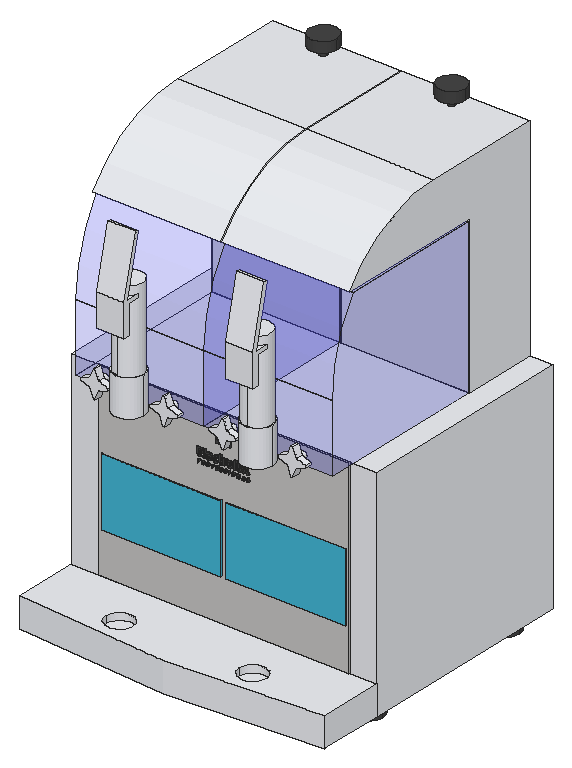
Revit family "QF_ELECTROLUXPROFESSIONAL_562517_GT2TR290", category Attrezzature speciali, Revit 2020
Family settings
  Quota connettore circolare = Usa diametro
  Tipo di parte = Normale
  Basato su piano di lavoro = No
  Sempre verticale = Sì
  Taglio con vuoti quando caricato = No
  Condiviso = No
  Punto di calcolo locali = No
Parameters (values of type "Standard")
  Weight = 46.00 kg
  Watts = 600 W
  Volts = 220 V
  URL Manufacturer = "https://www.electroluxprofessional.com/"
  URL = "https://www.electroluxprofessional.com/"
  Steam Supply Size = 0 mm
  Steam Supply Minimum Pressure = 0.0 Pa
  Steam Supply Maximum Pressure = 0.0 Pa
  Steam Consumption per Hour = 0
  Show Logo [instance] = yes
  Show Clearance [instance] = yes
  Refrigeration Suction Line Size = 0 mm
  Refrigeration Liquid Line Size = 0 mm
  Refrigerant Compressor Remote = yes
  Prospetto di default = 0 mm
  Produttore = "Electrolux Professional"
  Phase = 1
  Modello = "GT2TR290"
  Length Actual = 450 mm  # constant formula
  Item Number = "562517"
  Hot Water Size = 0 mm
  Height Actual = 650 mm  # constant formula
  HP = "0.8 HP"
  Gas Size = 0 mm
  Gas KW = 0
  Gas Input Pressure = 0 W
  Direct Waste Size = 0 mm
  Descrizione = "2X5 LT BOWL - FROZEN GRANITA, FROZEN CREAMS AND SOFT ICE CREAM DISPENSER - 2 INSULATED BOWLS - TOUCH SCREEN - WHITE,R290"
  Depth Actual = 435 mm  # constant formula
  Cycle = 50 Hz
  Condensate Return Size = 0 mm
  Compressed Air Volume = 0.0 L/s
  Compressed Air Size = 0 mm
  Compressed Air Pressure = 0.0 Pa
  Cold Water Size = 0 mm
  Accessory = yes
Reference planes
  plane 1: z = 0
  plane 2 "LEFT": x = -300
  plane 3 "BACK": y = 282.5
  plane 4: z = 648.875
  plane 5: z = 340
  plane 6: z = 63
  plane 7: z = 677
  plane 8: x = 147
  plane 9: y = -149.837
Forms (mm)
  Extrusion 1, solid, material "QF_Finishes_White"
    sketch origin (0, -1.353, -30) x (1, 0, 0) y (0, 1, 0)
      loop
        line (-300, 283.853) -> (-300, -38.484) -> (147, -38.484) -> (147, 283.853) -> (-300, 283.853)
    from 50 to 370
  Extrusion 2, solid, material "QF_Finishes_Stainless Steel"
    sketch origin (16.697, 123.163, -87.462) x (1, 0, 0) y (0, 1, 0)
      loop
        line (90.303, -163) -> (-276.697, -163) -> (-276.697, -163.8) -> (90.303, -163.8) -> (90.303, -163)
    from 150.462 to 427.462
  Extrusion 3, solid, material "QF_Finishes_Stainless Steel"
    sketch origin (-356.596, -170.677, 18) x (0, -1, 0) y (1, 0, 0)
      loop
        line (-163.023, 407.596) -> (-163.023, 427.596) -> (-183.023, 427.596) -> (-183.023, 407.596) -> (-163.023, 407.596)
    from 0 to 2
Dimensions and locks
  plane 4 to level = 648.875 mm
  level to plane 7 = 677 mm
  plane 6 to level = 63 mm
  plane 5 to plane 6 = 277 mm
  plane 2 "LEFT" to plane 8 = 447 mm
  plane 9 to plane 3 "BACK" = 432.337 mm
  plane 5 to nested 11 = 246.5 mm
  plane 3 "BACK" to plane 9 = 432.337 mm
  aligned and locked: level to plane 1
Nested families
  nested 1: "MANOPOLA BEVERAGE" at (-220, -78.664, 353.538) x (0, 0, 1) z (0, -1, 0), type "MANOPOLA BEVERAGE"
  nested 2: "MANOPOLA BEVERAGE" at (-118, -78.664, 353.538) x (0, 0, 1) z (0, -1, 0), type "MANOPOLA BEVERAGE"
  nested 3: "PORTAGRANITE BEVERAGE-fat" at (-169, 107.419, 340), type "PORTAGRANITE BEVERAGE-fat"
  nested 4: "VASCHETTA BEVERAGE_Large_Doppio" at (-76.5, -39.837, 41.5) x (1, 0, 0) z (0, -1, 0), type "VASCHETTA BEVERAGE_Large_Doppio"
  nested 5: "ELX_LOGO_MONO_SMALL" at (-86.42, -40.637, 259.538) x (-1, 0, 0) z (0, -1, 0), Show Logo <- "Show Logo", visible <- "Show Logo", type "ELX_LOGO_MONO_SMALL"
  nested 6: "ELX_LOGO_WORDS" at (-76.5, -40.637, 274.149) x (1, 0, 0) z (0, -1, 0), visible <- "Show Logo", Show Logo <- "Show Logo", type "ELX_LOGO_WORDS"
  nested 7: "Piedino 20x19 mm - Beverage" at (-264, 240.5, 0), type "Piedino 20x19 mm - Beverage"
  nested 8: "Piedino 20x19 mm - Beverage" at (-264, -9.5, 0), type "Piedino 20x19 mm - Beverage"
  nested 9: "Piedino 20x19 mm - Beverage" at (113, 240.5, 0), type "Piedino 20x19 mm - Beverage"
  nested 10: "Piedino 20x19 mm - Beverage" at (113, -9.5, 0), type "Piedino 20x19 mm - Beverage"
  nested 11: "BOCCHETTONE BEVERAGE_Tozzo" at (-167.625, -78.664, 463) x (1, 0, 0) z (0, -1, 0), type "BOCCHETTONE BEVERAGE_Tozzo"
  nested 12: "MANOPOLA APERTURA BEVERAGE " at (-169, 257.5, 648.875) x (-1, 0, 0) z (0, 0, 1), type "MANOPOLA APERTURA BEVERAGE "
  nested 13: "PORTAGRANITE BEVERAGE-fat" at (19, 107.419, 340) x (-1, 0, 0) z (0, 0, 1), type "PORTAGRANITE BEVERAGE-fat"
  nested 14: "MANOPOLA APERTURA BEVERAGE " at (19, 257.5, 648.875), type "MANOPOLA APERTURA BEVERAGE "
  nested 15: "BOCCHETTONE BEVERAGE_Tozzo" at (21, -78.664, 463) x (-1, 0, 0) z (0, -1, 0), type "BOCCHETTONE BEVERAGE_Tozzo"
  nested 16: "MANOPOLA BEVERAGE" at (-32, -78.664, 353.538) x (0, 0, 1) z (0, -1, 0), type "MANOPOLA BEVERAGE"
  nested 17: "MANOPOLA BEVERAGE" at (70, -78.664, 353.538) x (0, 0, 1) z (0, -1, 0), type "MANOPOLA BEVERAGE"
  nested 18: "SCHERMO_TOUCH_BEVERAGE" at (-167.625, -40.637, 175) x (1, 0, 0) z (0, -1, 0), type "SCHERMO_TOUCH_BEVERAGE"
    with Show Logo yes
  nested 19: "SCHERMO_TOUCH_BEVERAGE" at (15.125, -40.637, 175) x (-1, 0, 0) z (0, -1, 0), type "SCHERMO_TOUCH_BEVERAGE"
    with Show Logo yes
Connectors
  electrical at (61, 2.346, 18), driven by "Volts"
    settings: on Extrusion 3, index 73, voltage 220 V, apparent load 0 VA, apparent load phase1 0 VA, apparent load phase2 0 VA, apparent load phase3 0 VA, power factor 1, load classification "Altro", number of poles 1, system type 30, power factor state 1, is connector primary yes, connector utility no, sub classification motor no, connector description "Electrical Connection"
Definition of nested family "MANOPOLA BEVERAGE"
  Parameters (values of type "MANOPOLA BEVERAGE")
    Default Elevation = 1219.2 mm
  Reference planes
    plane 1 "Centro (Fronte/Retro)": y = 0
    plane 2: z = 0
    plane 3 "Centro (Sinistra/Destra)": x = 0
    plane 4: z = 20
  Forms (mm)
    Extrusion 1, solid
      sketch origin (0, 0, 0) x (1, 0, 0) y (0, 1, 0)
        loop
          line (-1219.2, 1219.2) -> (-1219.2, -1219.2) -> (1219.2, -1219.2) -> (1219.2, 1219.2) -> (-1219.2, 1219.2)
      from 0 to -304.8
    Extrusion 2, solid
      sketch origin (0, 0, 10) x (1, 0, 0) y (0, 1, 0)
        loop
          line (-20, -1.333) -> (-6.314, -6.314) -> (-1.333, -20) -> (1.333, -20) -> (6.314, -6.314) -> (20, -1.333) -> (20, 1.333) -> (6.314, 6.314) -> (1.333, 20) -> (-1.333, 20) -> (-6.314, 6.314) -> (-20, 1.333) -> (-20, -1.333)
      from 0 to 10
    Extrusion 3, solid
      sketch origin (0, 0, 0) x (1, 0, 0) y (0, 1, 0)
        loop
          circle (0, 0) r 5
      from 0 to 10
  Dimensions and locks
    aligned and locked: plane 2 to Extrusion 1
    aligned and locked: level to Extrusion 1
Definition of nested family "PORTAGRANITE BEVERAGE-fat"
  Parameters (values of type "PORTAGRANITE BEVERAGE-fat")
    Default Elevation = 1219.2 mm
  Reference planes
    plane 1 "Centro (Fronte/Retro)": y = 0
    plane 2: z = 0
    plane 3 "Centro (Sinistra/Destra)": x = 0
    plane 4: x = -94
    plane 5: x = 94
  Forms (mm)
    Extrusion 1, solid
      sketch origin (0, 0, 0) x (1, 0, 0) y (0, 1, 0)
        loop
          line (-1219.2, 1219.2) -> (-1219.2, -1219.2) -> (1219.2, -1219.2) -> (1219.2, 1219.2) -> (-1219.2, 1219.2)
      from 0 to -304.8
    Extrusion 2, solid
      sketch origin (-94, -107.419, -376) x (0, 1, 0) y (0, 0, 1)
        loop
          line (172.5, 604.875) -> (172.5, 376) -> (282.5, 376) -> (282.5, 684.875) -> (107.419, 684.875)
          arc (107.419, 684.875) -> (20.241, 663.694) -> (-47.5, 604.875) r 190
          line (-47.5, 604.875) -> (172.5, 604.875)
      from 0 to 188
    Extrusion 3, solid
      sketch origin (-101.5, -107.419, -378) x (0, 1, 0) y (0, 0, 1)
        loop
          line (170.5, 378) -> (170.5, 603) -> (-39.5, 603)
          arc (-39.5, 603) -> (-68.644, 543.496) -> (-78.664, 478) r 219.065
          line (-78.664, 478) -> (-78.664, 378) -> (170.5, 378)
      from 7.5 to 195.5
  Dimensions and locks
    plane 4 to plane 5 = 188 mm  (x2)
    Extrusion 2 sketch curve to Extrusion 2 sketch curve = 330 mm
    Extrusion 2 to Extrusion 3 sketch curve = 361.164 mm
    Extrusion 2 sketch curve to Extrusion 1 = 308.875 mm
    Extrusion 2 to Extrusion 3 = 361.164 mm
    Extrusion 2 to Extrusion 1 = 308.875 mm
    aligned and locked: plane 2 to Extrusion 1
    aligned and locked: level to Extrusion 1
Definition of nested family "VASCHETTA BEVERAGE_Large_Doppio"
  Parameters (values of type "VASCHETTA BEVERAGE_Large_Doppio")
    Default Elevation = 1219.2 mm
    Length = 447 mm
    Heigth = 43 mm
    Deep = 110 mm
  Reference planes
    plane 1 "Centro (Fronte/Retro)": y = 0
    plane 2: z = 0
    plane 3 "Centro (Sinistra/Destra)": x = 0
    plane 4: z = 110
    plane 5: x = 223.5
    plane 6: x = -223.5
  Forms (mm)
    Extrusion 1, solid
      sketch origin (0, 0, 0) x (1, 0, 0) y (0, 1, 0)
        loop
          line (-1219.2, 1219.2) -> (-1219.2, -1219.2) -> (1219.2, -1219.2) -> (1219.2, 1219.2) -> (-1219.2, 1219.2)
      from 0 to -304.8
    Extrusion 2, void
      sketch origin (104.75, -88.5, -175) x (1, 0, 0) y (0, 0, -1)
        loop
          circle (-202.5, -244.664) r 20
      from 100 to 110
    Extrusion 3, solid
      sketch origin (0, -2.5, 0) x (1, 0, 0) y (0, 0, 1)
        loop
          arc (223.5, 95) -> (0, 110) -> (-223.5, 95) r 1672.575
          line (-223.5, 95) -> (-223.5, 0) -> (223.5, 0) -> (223.5, 95)
      from -24 to 19
    Extrusion 4, void
      sketch origin (-104.75, -88.5, -175) x (-1, 0, 0) y (0, 0, 1)
        loop
          circle (-202.5, 244.664) r 20
      from 100 to 110
  Cuts and joins
    Extrusion 2, Extrusion 4 cuts Extrusion 3
  Dimensions and locks
    "Heigth": Extrusion 3 to Extrusion 3
    "Length": plane 6 to plane 5
    "Deep": Extrusion 1 to plane 4
    aligned and locked: plane 2 to Extrusion 1
    aligned and locked: level to Extrusion 1
  Automatic sketch dimensions
    Extrusion 1 sketch curve to Extrusion 1 sketch curve = 2438.4 mm  (x2)
    plane 4 to Extrusion 2 sketch curve = 40.336 mm
    Extrusion 3 sketch curve to level = 0 mm
    plane 6 to Extrusion 3 sketch curve = 0 mm
    plane 3 "Centro (Sinistra/Destra)" to Extrusion 3 sketch curve = 0 mm
    plane 5 to Extrusion 3 sketch curve = 0 mm
    Extrusion 3 sketch curve to level = 1562.575 mm
    plane 4 to Extrusion 3 sketch curve = 15 mm
    plane 4 to Extrusion 4 sketch curve = 40.336 mm
    Extrusion 2 sketch curve to plane 3 "Centro (Sinistra/Destra)" = 97.75 mm
    plane 3 "Centro (Sinistra/Destra)" to Extrusion 4 sketch curve = 97.75 mm
    radius of Extrusion 2 sketch curve = 20 mm
    radius of Extrusion 4 sketch curve = 20 mm
Definition of nested family "ELX_LOGO_MONO_SMALL"
  Parameters (values of type "ELX_LOGO_MONO_SMALL")
    Show Logo [instance] = yes
    Default Elevation = 1219.2 mm
  Reference planes
    plane 1 "Center (Front/Back)": y = -49
    plane 2: z = 0
    plane 3 "Center (Left/Right)": x = -9.92
  Forms (mm)
    Extrusion 1, solid
      sketch origin (0, 0, 0) x (1, 0, 0) y (0, 1, 0)
        loop
          line (-1219.2, 1219.2) -> (-1219.2, -1219.2) -> (1219.2, -1219.2) -> (1219.2, 1219.2) -> (-1219.2, 1219.2)
      from 0 to -304.8
    Extrusion 2, solid, visible <- "Show Logo"
      sketch origin (84.462, 509.781, 0) x (1, 0, 0) y (0, 1, 0)
        loop
          line (-97.132, -567.787) -> (-97.132, -549.816)
          arc (-97.132, -549.816) -> (-103.775, -558.801) -> (-97.132, -567.787) r 9.398
        loop
          arc (-96.218, -567.787) -> (-88.745, -566.088) -> (-85.144, -559.322) r 9.21
          line (-85.144, -559.322) -> (-88.117, -559.322)
          arc (-88.117, -559.322) -> (-93.428, -561.478) -> (-96.218, -566.485) r 8.633
          line (-96.218, -566.485) -> (-96.218, -567.787)
        loop
          arc (-96.218, -551.117) -> (-93.428, -556.124) -> (-88.117, -558.28) r 8.633
          line (-88.117, -558.28) -> (-85.144, -558.28)
          arc (-85.144, -558.28) -> (-88.739, -551.459) -> (-96.218, -549.585) r 9.451
          line (-96.218, -549.585) -> (-96.218, -551.117)
        loop
          line (-84.462, -568.767) -> (-84.462, -548.794) -> (-104.462, -548.794) -> (-104.462, -568.767) -> (-84.462, -568.767)
      from 0 to 1.644
  Dimensions and locks
    aligned and locked: plane 2 to Extrusion 1
    aligned and locked: level to Extrusion 1
Definition of nested family "ELX_LOGO_WORDS"
  Parameters (values of type "ELX_LOGO_WORDS")
    Show Logo [instance] = yes
    Default Elevation = 0 mm
  Reference planes
    plane 1 "Centro (Fronte/Retro)": y = 0
    plane 2: z = 0
    plane 3 "Centro (Sinistra/Destra)": x = 0
  Forms (mm)
    Extrusion 1, solid
      sketch origin (0, 0, 0) x (1, 0, 0) y (0, 1, 0)
        loop
          line (-1219.2, 1219.2) -> (-1219.2, -1219.2) -> (1219.2, -1219.2) -> (1219.2, 1219.2) -> (-1219.2, 1219.2)
      from 0 to -304.8
    Extrusion 2, solid, visible <- "Show Logo"
      sketch origin (0, 0, 0) x (1, 0, 0) y (0, 1, 0)
        loop
          line (-30.234, 10.561) -> (-37.67, 10.561) -> (-37.67, 1.902)
          arc (-37.67, 1.902) -> (-36.691, -0.461) -> (-34.329, -1.439) r 3.341
          line (-34.329, -1.439) -> (-30.09, -1.439) -> (-30.09, 0.503) -> (-33.845, 0.503)
          arc (-33.845, 0.503) -> (-35.079, 0.92) -> (-35.604, 2.112) r 1.615
          line (-35.604, 2.112) -> (-35.604, 3.829) -> (-30.555, 3.829) -> (-30.555, 5.779) -> (-35.604, 5.779) -> (-35.604, 8.617) -> (-30.234, 8.617) -> (-30.234, 10.561)
        loop
          line (-28.622, 10.561) -> (-28.622, -1.439) -> (-26.555, -1.439) -> (-26.555, 10.561) -> (-28.622, 10.561)
        loop
          line (16.27, 10.561) -> (16.27, -1.439) -> (18.338, -1.439) -> (18.338, 10.561) -> (16.27, 10.561)
        loop
          line (-23.137, 2.393) -> (-16.354, 2.393)
          arc (-16.354, 2.393) -> (-17.415, 6.119) -> (-21.043, 7.478) r 4.298
          arc (-21.043, 7.478) -> (-24.239, 5.857) -> (-25.151, 2.393) r 4.373
          arc (-25.151, 2.393) -> (-23.951, -0.505) -> (-21.053, -1.705) r 4.097
          arc (-21.053, -1.705) -> (-18.799, -1.372) -> (-16.908, -0.099) r 5.15
          line (-16.908, -0.099) -> (-18.133, 1.125)
          arc (-18.133, 1.125) -> (-19.74, 0.161) -> (-21.607, 0.323) r 3.039
          arc (-21.607, 0.323) -> (-22.746, 1.081) -> (-23.137, 2.393) r 2.013
        loop
          line (-23.085, 3.846) -> (-18.431, 3.846)
          arc (-18.431, 3.846) -> (-19.084, 5.22) -> (-20.519, 5.727) r 1.983
          arc (-20.519, 5.727) -> (-22.175, 5.295) -> (-23.085, 3.846) r 2.321
        loop
          line (-8.297, 4.711) -> (-6.999, 6.009)
          arc (-6.999, 6.009) -> (-8.627, 7.187) -> (-10.604, 7.539) r 4.497
          arc (-10.604, 7.539) -> (-13.621, 6.437) -> (-15.204, 3.642) r 4.652
          arc (-15.204, 3.642) -> (-12.536, -1.257) -> (-7.072, -0.127) r 4.684
          line (-7.072, -0.127) -> (-8.363, 1.163)
          arc (-8.363, 1.163) -> (-11.149, 0.242) -> (-13.145, 2.393) r 2.714
          arc (-13.145, 2.393) -> (-13.006, 4.094) -> (-11.835, 5.335) r 2.578
          arc (-11.835, 5.335) -> (-9.96, 5.621) -> (-8.297, 4.711) r 2.961
        loop
          line (-5.73, 10.561) -> (-5.73, 2.36)
          arc (-5.73, 2.36) -> (-5.551, 1.13) -> (-5.09, -0.025) r 5.301
          arc (-5.09, -0.025) -> (-3.615, -1.198) -> (-1.746, -1.445) r 3.531
          line (-1.746, -1.445) -> (-1.746, 0.492)
          arc (-1.746, 0.492) -> (-2.302, 0.534) -> (-2.82, 0.74) r 1.862
          arc (-2.82, 0.74) -> (-3.484, 1.442) -> (-3.662, 2.393) r 1.713
          line (-3.662, 2.393) -> (-3.662, 5.362) -> (-1.785, 5.362) -> (-1.785, 7.24) -> (-3.662, 7.24) -> (-3.662, 10.561) -> (-5.73, 10.561)
        loop
          arc (2.004, 3.123) -> (2.152, 3.988) -> (2.578, 4.755) r 2.607
          arc (2.578, 4.755) -> (3.817, 5.391) -> (5.208, 5.362) r 2.84
          line (5.208, 5.362) -> (5.208, 7.349)
          arc (5.208, 7.349) -> (3.39, 7.177) -> (2.004, 5.989) r 3.016
          line (2.004, 5.989) -> (2.004, 7.24) -> (-0.046, 7.24) -> (-0.046, -1.439) -> (2.004, -1.439) -> (2.004, 3.123)
        loop
          circle (10.262, 2.899) r 4.599
        loop
          circle (10.262, 2.899) r 2.787
        loop
          arc (25.793, 2.175) -> (25.283, 0.772) -> (23.898, 0.213) r 1.835
          arc (23.898, 0.213) -> (22.514, 0.772) -> (22.004, 2.175) r 1.835
          line (22.004, 2.175) -> (22.004, 7.24) -> (19.919, 7.24) -> (19.919, 2.003)
          arc (19.919, 2.003) -> (21.105, -0.701) -> (23.898, -1.659) r 3.675
          arc (23.898, -1.659) -> (26.723, -0.672) -> (27.877, 2.088) r 3.675
          line (27.877, 2.088) -> (27.877, 7.24) -> (25.793, 7.24) -> (25.793, 2.175)
        loop
          line (29.126, 7.24) -> (32.128, 3.164) -> (28.83, -1.442) -> (31.052, -1.442) -> (33.241, 1.615) -> (35.462, -1.442) -> (37.67, -1.442) -> (34.419, 3.211) -> (37.392, 7.24) -> (35.135, 7.24) -> (33.234, 4.663) -> (31.362, 7.24) -> (29.126, 7.24)
        loop
          line (-35.875, -6.414) -> (-37.523, -6.414) -> (-37.523, -10.564) -> (-36.621, -10.564) -> (-36.621, -9.135) -> (-35.625, -9.135)
          arc (-35.625, -9.135) -> (-34.509, -7.66) -> (-35.875, -6.414) r 1.372
        loop
          arc (-35.664, -8.32) -> (-35.322, -7.786) -> (-35.664, -7.253) r 0.587
          line (-35.664, -7.253) -> (-36.621, -7.253) -> (-36.621, -8.32) -> (-35.664, -8.32)
        loop
          line (-29.363, -6.414) -> (-31.04, -6.414) -> (-31.04, -10.564) -> (-30.138, -10.564) -> (-30.138, -9.135) -> (-29.265, -9.135) -> (-28.669, -10.564) -> (-27.7, -10.564) -> (-28.516, -8.814)
          arc (-28.516, -8.814) -> (-28.125, -8.347) -> (-27.994, -7.752) r 1.281
          arc (-27.994, -7.752) -> (-28.406, -6.804) -> (-29.363, -6.414) r 1.37
        loop
          line (-30.138, -7.253) -> (-30.138, -8.32) -> (-29.18, -8.32)
          arc (-29.18, -8.32) -> (-28.839, -7.786) -> (-29.18, -7.253) r 0.587
          line (-29.18, -7.253) -> (-30.138, -7.253)
        loop
          circle (-22.402, -8.489) r 2.156
        loop
          circle (-22.402, -8.489) r 1.368
        loop
          line (-16.703, -6.414) -> (-16.703, -10.564) -> (-15.823, -10.564) -> (-15.823, -9.114) -> (-14.261, -9.114) -> (-14.261, -8.184) -> (-15.823, -8.184) -> (-15.823, -7.308) -> (-14.111, -7.308) -> (-14.111, -6.414) -> (-16.703, -6.414)
        loop
          line (-10.611, -6.414) -> (-10.611, -9.216)
          arc (-10.611, -9.216) -> (-10.229, -10.166) -> (-9.284, -10.561) r 1.327
          line (-9.284, -10.561) -> (-7.945, -10.561) -> (-7.945, -9.777) -> (-9.204, -9.777)
          arc (-9.204, -9.777) -> (-9.668, -9.394) -> (-9.759, -8.799) r 0.845
          line (-9.759, -8.799) -> (-8.1, -8.799) -> (-8.1, -8.015) -> (-9.759, -8.015) -> (-9.759, -7.198) -> (-7.985, -7.198) -> (-7.985, -6.414) -> (-10.611, -6.414)
        loop
          arc (4.417, -6.94) -> (3.867, -6.489) -> (3.171, -6.345) r 1.485
          arc (3.171, -6.345) -> (2.528, -6.503) -> (2, -6.902) r 1.645
          arc (2, -6.902) -> (1.902, -7.844) -> (2.51, -8.571) r 1.217
          arc (2.51, -8.571) -> (3.021, -8.741) -> (3.506, -8.976) r 4.201
          arc (3.506, -8.976) -> (3.812, -9.337) -> (3.601, -9.761) r 0.43
          arc (3.601, -9.761) -> (3.209, -9.853) -> (2.819, -9.754) r 0.846
          arc (2.819, -9.754) -> (2.482, -9.511) -> (2.275, -9.15) r 0.983
          line (2.275, -9.15) -> (1.549, -9.489)
          arc (1.549, -9.489) -> (1.811, -9.993) -> (2.232, -10.374) r 1.595
          arc (2.232, -10.374) -> (2.71, -10.578) -> (3.227, -10.63) r 1.719
          arc (3.227, -10.63) -> (3.867, -10.503) -> (4.442, -10.197) r 2.246
          arc (4.442, -10.197) -> (4.697, -9.52) -> (4.566, -8.81) r 1.349
          arc (4.566, -8.81) -> (4.282, -8.482) -> (3.919, -8.245) r 1.564
          arc (3.919, -8.245) -> (3.46, -8.04) -> (2.99, -7.864) r 8.236
          arc (2.99, -7.864) -> (2.718, -7.441) -> (3.111, -7.128) r 0.375
          arc (3.111, -7.128) -> (3.581, -7.241) -> (3.943, -7.563) r 0.998
          line (3.943, -7.563) -> (4.417, -6.94)
        loop
          line (8.225, -6.414) -> (8.225, -10.561) -> (9.077, -10.561) -> (9.077, -6.414) -> (8.225, -6.414)
        loop
          circle (14.827, -8.488) r 1.29
        loop
          circle (14.827, -8.488) r 2.154
        loop
          line (20.548, -10.561) -> (21.409, -10.561) -> (21.409, -7.954) -> (23.306, -10.561) -> (24.135, -10.561) -> (24.135, -6.414) -> (23.274, -6.414) -> (23.274, -9.101) -> (21.377, -6.414) -> (20.548, -6.414) -> (20.548, -10.561)
        loop
          line (28.435, -10.561) -> (28.839, -9.667) -> (30.373, -9.667) -> (30.777, -10.561) -> (31.693, -10.561) -> (29.942, -6.414) -> (29.142, -6.414) -> (27.519, -10.561) -> (28.435, -10.561)
        loop
          line (29.99, -8.816) -> (29.579, -7.905) -> (29.18, -8.816) -> (29.99, -8.816)
        loop
          line (35.929, -9.777) -> (35.929, -6.414) -> (35.076, -6.414) -> (35.076, -10.561) -> (37.523, -10.561) -> (37.523, -9.777) -> (35.929, -9.777)
        loop
          arc (-1.8, -6.94) -> (-2.35, -6.489) -> (-3.046, -6.345) r 1.485
          arc (-3.046, -6.345) -> (-3.689, -6.503) -> (-4.218, -6.902) r 1.645
          arc (-4.218, -6.902) -> (-4.316, -7.844) -> (-3.708, -8.571) r 1.217
          arc (-3.708, -8.571) -> (-3.197, -8.741) -> (-2.712, -8.976) r 4.201
          arc (-2.712, -8.976) -> (-2.405, -9.337) -> (-2.616, -9.761) r 0.43
          arc (-2.616, -9.761) -> (-3.008, -9.853) -> (-3.399, -9.754) r 0.846
          arc (-3.399, -9.754) -> (-3.736, -9.511) -> (-3.942, -9.15) r 0.983
          line (-3.942, -9.15) -> (-4.668, -9.489)
          arc (-4.668, -9.489) -> (-4.407, -9.993) -> (-3.985, -10.374) r 1.595
          arc (-3.985, -10.374) -> (-3.507, -10.578) -> (-2.99, -10.63) r 1.719
          arc (-2.99, -10.63) -> (-2.351, -10.503) -> (-1.775, -10.197) r 2.246
          arc (-1.775, -10.197) -> (-1.521, -9.52) -> (-1.652, -8.81) r 1.349
          arc (-1.652, -8.81) -> (-1.936, -8.482) -> (-2.298, -8.245) r 1.564
          arc (-2.298, -8.245) -> (-2.757, -8.04) -> (-3.228, -7.864) r 8.236
          arc (-3.228, -7.864) -> (-3.5, -7.441) -> (-3.107, -7.128) r 0.375
          arc (-3.107, -7.128) -> (-2.636, -7.241) -> (-2.274, -7.563) r 0.998
          line (-2.274, -7.563) -> (-1.8, -6.94)
      from 0 to 1.644
  Dimensions and locks
    aligned and locked: plane 2 to Extrusion 1
    aligned and locked: level to Extrusion 1
Definition of nested family "Piedino 20x19 mm - Beverage"
  Parameters (values of type "Piedino 20x19 mm - Beverage")
    Default Elevation = 0 mm
    P = 930 mm
    L = 400 mm
    H = 290 mm
  Reference planes
    plane 1: y = 0
    plane 2: z = 0
    plane 3: x = 0
    plane 4: z = 290
    plane 5: z = 24
    plane 6: z = 55
  Forms (mm)
    Extrusion 1, solid
      sketch origin (-373.847, 979.72, 0) x (1, 0, 0) y (0, 1, 0)
        loop
          circle (373.847, -979.72) r 19
      from 0 to 20
  Dimensions and locks
    "H": plane 4 to level
    plane 4 to plane 5 to level = 266 mm, 24 mm
    level to plane 6 = 55 mm
    aligned and locked: level to plane 2
  Automatic sketch dimensions
    plane 3 to Extrusion 1 sketch curve = 0 mm
    plane 1 to Extrusion 1 sketch curve = 0 mm
    radius of Extrusion 1 sketch curve = 19 mm
Definition of nested family "BOCCHETTONE BEVERAGE_Tozzo"
  Parameters (values of type "BOCCHETTONE BEVERAGE_Tozzo")
    Default Elevation = 1219.2 mm
  Reference planes
    plane 1 "Centro (Fronte/Retro)": y = 0
    plane 2: z = 0
    plane 3 "Centro (Sinistra/Destra)": x = 0
    plane 4: y = -123.5
    plane 5: y = 123.5
    plane 6: z = 22.09
  Forms (mm)
    Extrusion 1, solid
      sketch origin (0, 0, 0) x (1, 0, 0) y (0, 1, 0)
        loop
          line (-1219.2, 1219.2) -> (-1219.2, -1219.2) -> (1219.2, -1219.2) -> (1219.2, 1219.2) -> (-1219.2, 1219.2)
      from 0 to -304.8
    Extrusion 2, solid
      sketch origin (0, -51.625, 19.664) x (0, 0, 1) y (1, 0, 0)
        loop
          circle (2.426, 0) r 20
      from -18.353 to 101.625
    Extrusion 3, void
      sketch origin (-4.375, -126.625, 34.086) x (1, 0, 0) y (0, 0, -1)
        loop
          line (27.179, -16.141) -> (27.179, 12.684) -> (6.226, 12.684) -> (6.226, -10.188) -> (21.226, -10.188) -> (27.179, -16.141)
        loop
          line (-18.429, -16.141) -> (-12.476, -10.188) -> (2.524, -10.188) -> (2.524, 12.684) -> (-18.429, 12.684) -> (-18.429, -16.141)
      from 104.337 to 159.894
    Extrusion 4, solid
      sketch origin (25, -97.404, 18.125) x (0, 0, 1) y (0, 1, 0)
        loop
          line (11.922, 135.839) -> (11.922, 88.779) -> (37.961, 88.779) -> (37.961, 136.453) -> (16.929, 220.809) -> (12.077, 219.599) -> (32.961, 135.839) -> (11.922, 135.839)
      from 5 to 45
    Extrusion 5, solid
      sketch origin (0, -126.625, 25.97) x (1, 0, 0) y (0, 0, -1)
        loop
          circle (0, 3.97) r 22
      from 3.125 to 56.647
  Cuts and joins
    Extrusion 3 cuts Extrusion 4
    joined: Extrusion 2, Extrusion 4
  Dimensions and locks
    plane 5 to plane 4 = 247 mm
    plane 5 to plane 1 "Centro (Fronte/Retro)" to plane 4 = 123.5 mm, 123.5 mm
    cut or joined group of Extrusion 2, Extrusion 3, Extrusion 4 to Extrusion 1 = 56.086 mm
    aligned and locked: plane 2 to Extrusion 1
    aligned and locked: level to Extrusion 1
Definition of nested family "MANOPOLA APERTURA BEVERAGE "
  Parameters (values of type "MANOPOLA APERTURA BEVERAGE ")
    Default Elevation = 1219.2 mm
  Reference planes
    plane 1 "Centro (Fronte/Retro)": y = 0
    plane 2: z = 0
    plane 3 "Centro (Sinistra/Destra)": x = 0
    plane 4: z = 27
  Forms (mm)
    Extrusion 1, solid
      sketch origin (0, 0, 0) x (1, 0, 0) y (0, 1, 0)
        loop
          line (-1219.2, 1219.2) -> (-1219.2, -1219.2) -> (1219.2, -1219.2) -> (1219.2, 1219.2) -> (-1219.2, 1219.2)
      from 0 to -304.8
    Extrusion 2, solid
      sketch origin (0, 0, 0) x (1, 0, 0) y (0, 1, 0)
        loop
          circle (0, 0) r 5
      from 0 to 12
    Extrusion 3, solid
      sketch origin (0, 0, 12) x (1, 0, 0) y (0, 1, 0)
        loop
          circle (0, 0) r 20
      from 0 to 15
  Dimensions and locks
    Extrusion 1 to plane 4 = 27 mm
    aligned and locked: plane 2 to Extrusion 1
    aligned and locked: level to Extrusion 1
Definition of nested family "SCHERMO_TOUCH_BEVERAGE"
  Parameters (values of type "SCHERMO_TOUCH_BEVERAGE")
    Show Logo [instance] = yes
    Default Elevation = 1219.2 mm
  Reference planes
    plane 1 "Centro (Fronte/Retro)": y = 0
    plane 2: z = 0
    plane 3 "Centro (Sinistra/Destra)": x = 0
  Forms (mm)
    Extrusion 1, solid
      sketch origin (0, 0, 0) x (1, 0, 0) y (0, 1, 0)
        loop
          line (-1219.2, 1219.2) -> (-1219.2, -1219.2) -> (1219.2, -1219.2) -> (1219.2, 1219.2) -> (-1219.2, 1219.2)
      from 0 to -304.8
    Extrusion 2, solid
      sketch origin (118.389, -572.596, 0) x (-1, 0, 0) y (0, -1, 0)
        loop
          line (205.889, -622.596) -> (205.889, -522.596) -> (30.889, -522.596) -> (30.889, -622.596) -> (205.889, -622.596)
      from 0 to 1
  Dimensions and locks
    aligned and locked: plane 2 to Extrusion 1
    aligned and locked: level to Extrusion 1
